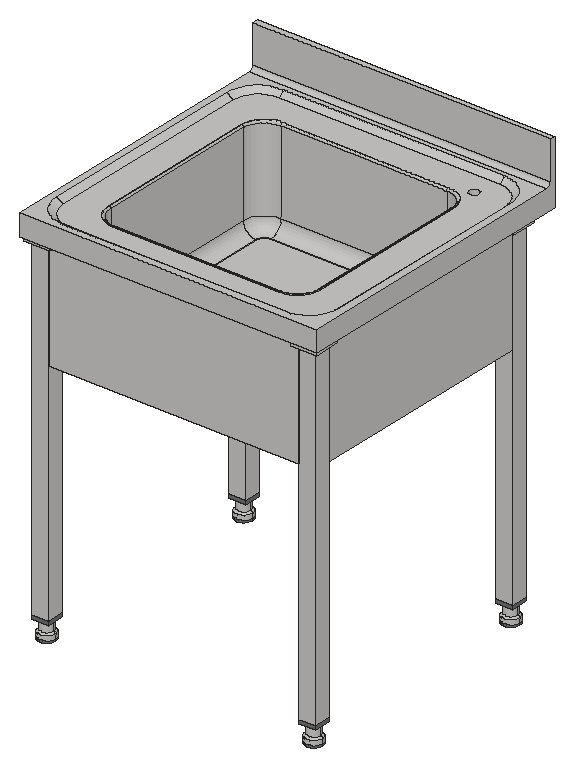
Revit family "QF_ZANUSSI_132894_SL07N", category Attrezzature speciali, Revit 2020
Family settings
  Quota connettore circolare = Usa diametro
  Tipo di parte = Normale
  Basato su piano di lavoro = No
  Sempre verticale = Sì
  Taglio con vuoti quando caricato = No
  Condiviso = No
  Punto di calcolo locali = No
Parameters (values of type "Standard")
  Weight = 20.00 kg
  Watts = 0 W
  Volts = 0 V
  URL Manufacturer = "http://www.zanussiprofessional.com"
  URL = "http://www.zanussiprofessional.com"
  Steam Supply Size = 0 mm
  Steam Supply Minimum Pressure = 0.0 Pa
  Steam Supply Maximum Pressure = 0.0 Pa
  Steam Consumption per Hour = 0
  Refrigeration Suction Line Size = 0.0 mm
  Refrigeration Liquid Line Size = 0.0 mm
  Refrigerant Compressor Remote = yes
  Prospetto di default = 0.0 mm
  Phase = 0
  Modello = "SL07N"
  Produttore = "Zanussi"
  Length Actual = 700.0 mm  # constant formula
  Item Number = "132894"
  Hot Water Size = 0 mm
  Height Actual = 900.0 mm  # constant formula
  HP = "0 HP"
  Gas Size = 0 mm
  Gas KW = 0
  Gas Input Pressure = 0 W
  Direct Waste Size = 139.7 mm
  Descrizione = "SINK UNIT 1 BOWL 700MM"
  Depth Actual = 700.0 mm  # constant formula
  Cycle = 0 Hz
  Condensate Return Size = 0 mm
  Compressed Air Volume = 0.0 L/s
  Compressed Air Size = 0 mm
  Compressed Air Pressure = 0.0 Pa
  Cold Water Size = 0 mm
  Accessory = yes
Reference planes
  plane 1 "Center (Front/Back)": y = 0
  plane 2: z = 0
  plane 3 "Center (Left/Right)": x = 150
  plane 4 "LEFT": x = -200
  plane 5 "RIGHT": x = 500
  plane 6 "BACK": y = 350
  plane 7 "FRONT": y = -350
  plane 8 "Base": z = 850
  plane 9 "TOP": z = 900
  plane 10 "Sink_Base": z = 658
  plane 11 "ScaricoX": x = 320
  plane 12 "ScaricoY": y = 151
  plane 13: z = 441
  plane 14: x = 395
  plane 15: y = 245
Forms (mm)
  Extrusion 1, solid, material "QF_Finishes_Stainless Steel"
    sketch origin (150, 0, 0) x (0, 1, 0) y (0, 0, 1)
      loop
        line (-350, 850) -> (350, 850) -> (350, 1000) -> (337, 1000) -> (337, 910)
        arc (337, 910) -> (334.071, 902.929) -> (327, 900) r 10
        line (327, 900) -> (-350, 900) -> (-350, 850)
    from 350 to -350
  Extrusion 2, void
    sketch origin (0, 0, 900) x (0, 1, 0) y (-1, 0, 0)
      loop
        arc (-214, 100) -> (-252.891, 83.891) -> (-269, 45) r 55
        line (-269, 45) -> (-269, -345)
        arc (-269, -345) -> (-252.874, -383.908) -> (-213.951, -400) r 55
        line (-213.951, -400) -> (176.049, -400)
        arc (176.049, -400) -> (214.908, -383.874) -> (231, -345) r 55
        line (231, -345) -> (231, 45)
        arc (231, 45) -> (214.891, 83.891) -> (176, 100) r 55
        line (176, 100) -> (-214, 100)
    from 0 to -50
  Sweep 3, solid, material "QF_Finishes_Stainless Steel"
    path origin (0, 0, 900) x (0, 1, 0) y (-1, 0, 0)
      loop
        line (176, 100) -> (-214, 100)
        arc (-214, 100) -> (-252.891, 83.891) -> (-269, 45) r 55
        line (-269, 45) -> (-269, -345)
        arc (-269, -345) -> (-252.874, -383.908) -> (-213.951, -400) r 55
        line (-213.951, -400) -> (176.049, -400)
        arc (176.049, -400) -> (214.908, -383.874) -> (231, -345) r 55
        line (231, -345) -> (231, 45)
        arc (231, 45) -> (214.891, 83.891) -> (176, 100) r 55
    profile origin (-100, -19, 900) x (1, 0, 0) y (0, 0, 1)
      loop
        arc (5, -15) -> (3.536, -11.464) -> (0, -10) r 5
        line (0, -10) -> (0, -11.5)
        arc (0, -11.5) -> (2.475, -12.525) -> (3.5, -15) r 3.5
        line (3.5, -15) -> (3.5, -210.5)
        arc (3.5, -210.5) -> (12.726, -232.774) -> (35, -242) r 31.5
        line (35, -242) -> (35, -240.5)
        arc (35, -240.5) -> (13.787, -231.713) -> (5, -210.5) r 30
        line (5, -210.5) -> (5, -15)
  Extrusion 4, solid, material "QF_Finishes_Stainless Steel"
    sketch origin (0, 0, 658) x (0, -1, 0) y (1, 0, 0)
      loop
        arc (-196, -45) -> (-190.142, -59.142) -> (-176, -65) r 20
        line (-176, -65) -> (214, -65)
        arc (214, -65) -> (228.142, -59.142) -> (234, -45) r 20
        line (234, -45) -> (234, 345)
        arc (234, 345) -> (228.132, 359.153) -> (213.97, 365) r 20
        line (213.97, 365) -> (-176.03, 365)
        arc (-176.03, 365) -> (-190.153, 359.132) -> (-196, 345) r 20
        line (-196, 345) -> (-196, -45)
    from 0 to 1.5
  Extrusion 5, void
    sketch origin (0, 0, 658) x (0, -1, 0) y (1, 0, 0)
      loop
        circle (-151, 320) r 28
    from 32.343 to -63.145
  Revolve 6, solid, material "QF_Finishes_White"
    sketch origin (320, 0, 0) x (0, -1, 0) y (0, 0, 1)
      loop
        line (-167.5, 642.617) -> (-167.5, 628.5) -> (-166, 628.5) -> (-166, 643.449) -> (-177.558, 650.671) -> (-177.558, 658) -> (-179.058, 658) -> (-179.058, 649.84) -> (-167.5, 642.617)
      axis (-151, 658) -> (-151, 628.5)
    angle from 0 to 360
  Extrusion 7, void
    sketch origin (0, 0, 658) x (0, -1, 0) y (1, 0, 0)
      loop
        circle (-245, 395) r 11.5
    from 242 to 170.245
  Blend 8, void
    base sketch origin (0, 0, 900) x (0, 1, 0) y (-1, 0, 0)
      loop
        arc (314.887, 109.887) -> (292.92, 162.92) -> (239.887, 184.887) r 75
        line (239.887, 184.887) -> (-259.887, 184.887)
        arc (-259.887, 184.887) -> (-312.92, 162.92) -> (-334.887, 109.887) r 75
        line (-334.887, 109.887) -> (-334.887, -409.887)
        arc (-334.887, -409.887) -> (-312.92, -462.92) -> (-259.887, -484.887) r 75
        line (-259.887, -484.887) -> (239.887, -484.887)
        arc (239.887, -484.887) -> (292.92, -462.92) -> (314.887, -409.887) r 75
        line (314.887, -409.887) -> (314.887, 109.887)
    top sketch origin (0, 0, 900) x (0, 1, 0) y (-1, 0, 0)
      loop
        arc (299.887, 109.887) -> (282.313, 152.313) -> (239.887, 169.887) r 60
        line (239.887, 169.887) -> (-259.887, 169.887)
        arc (-259.887, 169.887) -> (-302.313, 152.313) -> (-319.887, 109.887) r 60
        line (-319.887, 109.887) -> (-319.887, -409.887)
        arc (-319.887, -409.887) -> (-302.313, -452.313) -> (-259.887, -469.887) r 60
        line (-259.887, -469.887) -> (239.887, -469.887)
        arc (239.887, -469.887) -> (282.313, -452.313) -> (299.887, -409.887) r 60
        line (299.887, -409.887) -> (299.887, 109.887)
    from 0 to -10
Cuts and joins
  Extrusion 2, Extrusion 7, Blend 8 cuts Extrusion 1
  Extrusion 5 cuts Extrusion 4
Lines and regions (mm)
  symbolic lines
    curve 1: line (500, 350, 900) -> (-200, 350, 900)
    curve 2: line (-200, 350, 900) -> (-200, -350, 900)
    curve 3: line (-200, -350, 900) -> (500, -350, 900)
    curve 4: line (500, -350, 900) -> (500, 350, 900)
    curve 5: line (500, 337, 900) -> (-200, 337, 900)
    curve 6: arc (-109.887, 314.887, 658) -> (-162.92, 292.92, 658) -> (-184.887, 239.887, 658) r 75
    curve 7: line (-109.887, 314.887, 658) -> (409.887, 314.887, 658)
    curve 8: arc (484.887, 239.887, 658) -> (462.92, 292.92, 658) -> (409.887, 314.887, 658) r 75
    curve 9: line (-184.887, -259.887, 658) -> (-184.887, 239.887, 658)
    curve 10: arc (-184.887, -259.887, 658) -> (-162.92, -312.92, 658) -> (-109.887, -334.887, 658) r 75
    curve 11: line (409.887, -334.887, 658) -> (-109.887, -334.887, 658)
    curve 12: arc (409.887, -334.887, 658) -> (462.92, -312.92, 658) -> (484.887, -259.887, 658) r 75
    curve 13: line (484.887, 239.887, 658) -> (484.887, -259.887, 658)
    curve 14: arc (-45, 231, 658) -> (-83.891, 214.891, 658) -> (-100, 176, 658) r 55
    curve 15: line (-45, 231, 658) -> (345, 231, 658)
    curve 16: line (-100, -214, 658) -> (-100, 176, 658)
    curve 17: arc (-100, -214, 658) -> (-83.891, -252.891, 658) -> (-45, -269, 658) r 55
    curve 18: line (345, -269, 658) -> (-45, -269, 658)
    curve 19: arc (345, -269, 658) -> (383.908, -252.874, 658) -> (400, -213.951, 658) r 55
    curve 20: line (400, 176.049, 658) -> (400, -213.951, 658)
    curve 21: arc (400, 176.049, 658) -> (383.874, 214.908, 658) -> (345, 231, 658) r 55
    curve 22: line (365, 176.03, 658) -> (365, -213.97, 658)
    curve 23: arc (365, 176.03, 658) -> (359.132, 190.153, 658) -> (345, 196, 658) r 20
    curve 24: line (-45, 196, 658) -> (345, 196, 658)
    curve 25: arc (-45, 196, 658) -> (-59.142, 190.142, 658) -> (-65, 176, 658) r 20
    curve 26: line (-65, -214, 658) -> (-65, 176, 658)
    curve 27: arc (-65, -214, 658) -> (-59.142, -228.142, 658) -> (-45, -234, 658) r 20
    curve 28: line (345, -234, 658) -> (-45, -234, 658)
    curve 29: arc (345, -234, 658) -> (359.153, -228.132, 658) -> (365, -213.97, 658) r 20
    curve 30: circle (320, 151, 658) r 15 normal (0, 0, 1)
    curve 31: circle (320, 151, 658) r 26.558 normal (0, 0, -1)
    curve 32: circle (395, 245, 658) r 11.5 normal (0, 0, 1)
    curve 33: arc (-109.887, 299.887, 900) -> (-152.313, 282.313, 900) -> (-169.887, 239.887, 900) r 60
    curve 34: line (409.887, 299.887, 900) -> (-109.887, 299.887, 900)
    curve 35: line (-169.887, 239.887, 900) -> (-169.887, -259.887, 900)
    curve 36: arc (469.887, 239.887, 900) -> (452.313, 282.313, 900) -> (409.887, 299.887, 900) r 60
    curve 37: line (469.887, -259.887, 900) -> (469.887, 239.887, 900)
    curve 38: arc (409.887, -319.887, 900) -> (452.313, -302.313, 900) -> (469.887, -259.887, 900) r 60
    curve 39: line (-109.887, -319.887, 900) -> (409.887, -319.887, 900)
    curve 40: arc (-169.887, -259.887, 900) -> (-152.313, -302.313, 900) -> (-109.887, -319.887, 900) r 60
Dimensions and locks
  plane 4 "LEFT" to plane 5 "RIGHT" = 700.0 mm
  equal spacing: plane 4 "LEFT", plane 3 "Center (Left/Right)", plane 5 "RIGHT"
  locked: plane 8 "Base" to level at 850
  locked: Extrusion 1 to level at 1000
  plane 9 "TOP" to level = 900.0 mm
  plane 6 "BACK" to plane 7 "FRONT" = 700.0 mm
  equal spacing: plane 6 "BACK", plane 1 "Center (Front/Back)", plane 7 "FRONT"
  plane 10 "Sink_Base" to level = 658.0 mm
  locked: plane 6 "BACK" to plane 12 "ScaricoY" at 199
  locked: plane 11 "ScaricoX" to plane 5 "RIGHT" at 180
  plane 13 to level = 441.0 mm
  locked: plane 6 "BACK" to plane 15 at 105
  plane 14 to plane 5 "RIGHT" = 105.0 mm
  aligned and locked: level to plane 2
  aligned and locked: Extrusion 1 to plane 4 "LEFT"
  aligned and locked: plane 5 "RIGHT" to Extrusion 1
  aligned and locked: curve 2 to plane 4 "LEFT"
Automatic sketch dimensions
  Extrusion 1 sketch curve to plane 7 "FRONT" = 0.0 mm
  Extrusion 1 sketch curve to plane 9 "TOP" = 0.0 mm
  Extrusion 1 sketch curve to plane 6 "BACK" = 0.0 mm
  Extrusion 1 sketch curve to plane 8 "Base" = 0.0 mm
  plane 9 "TOP" to Extrusion 1 sketch curve = 10.0 mm
  Extrusion 1 sketch curve to plane 6 "BACK" = 13.0 mm
  Extrusion 1 sketch curve to Extrusion 1 sketch curve = 90.0 mm
  curve 3 to plane 7 "FRONT" = 0.0 mm
  curve 5 to plane 5 "RIGHT" = 0.0 mm
  curve 4 to plane 6 "BACK" = 0.0 mm
  curve 5 to plane 6 "BACK" = 13.0 mm
  Extrusion 2 sketch curve to Extrusion 2 sketch curve = 55.0 mm  (x4)
  Extrusion 2 sketch curve to Extrusion 2 sketch curve = 0.0 mm  (x5)
  Sweep 3 sketch curve to Sweep 3 sketch curve = 55.0 mm  (x3)
  Sweep 3 sketch curve to Sweep 3 sketch curve = 0.049 mm  (x2)
  Sweep 3 sketch curve to Sweep 3 sketch curve = 0.0 mm  (x4)
  profile plane to Sweep 3 sketch curve = 0.0 mm
  Sweep 3 sketch curve to profile plane = 3.5 mm
  Sweep 3 sketch curve to Sweep 3 sketch curve = 1.5 mm
  Sweep 3 sketch curve to Sweep 3 sketch curve = 30.0 mm
  Sweep 3 sketch curve to plane 9 "TOP" = 210.5 mm
  Sweep 3 sketch curve to plane 9 "TOP" = 15.0 mm
  Extrusion 4 sketch curve to Extrusion 4 sketch curve = 19.97 mm
  Extrusion 4 sketch curve to Extrusion 4 sketch curve = 20.0 mm  (x4)
  Extrusion 4 sketch curve to Extrusion 4 sketch curve = 0.03 mm  (x2)
  Extrusion 4 sketch curve to Extrusion 4 sketch curve = 0.0 mm  (x2)
  Extrusion 5 sketch curve to plane 11 "ScaricoX" = 0.0 mm
  Extrusion 5 sketch curve to plane 12 "ScaricoY" = 0.0 mm
  Revolve 6 sketch curve to plane 12 "ScaricoY" = 0.0 mm
  plane 12 "ScaricoY" to Revolve 6 sketch curve = 15.0 mm
  Revolve 6 sketch curve to Revolve 6 sketch curve = 1.5 mm  (x2)
  plane 10 "Sink_Base" to Revolve 6 sketch curve = 7.329 mm
  Revolve 6 sketch curve to Revolve 6 sketch curve = 10.058 mm
  plane 10 "Sink_Base" to Revolve 6 sketch curve = 8.16 mm
  Revolve 6 sketch curve to Revolve 6 sketch curve = 7.222 mm
  Revolve 6 sketch curve to Revolve 6 sketch curve = 0.831 mm
  Revolve 6 sketch curve to Revolve 6 sketch curve = 14.117 mm
  Revolve 6 sketch curve to Revolve 6 sketch curve = 24.0 mm
  Revolve 6 sketch curve to plane 10 "Sink_Base" = 0.0 mm
  Revolve 6 sketch curve to plane 10 "Sink_Base" = 26.5 mm
  Extrusion 7 sketch curve to plane 14 = 0.0 mm
  Extrusion 7 sketch curve to plane 15 = 0.0 mm
  curve 14 to curve 25 = 0.0 mm  (x3)
  curve 17 to curve 27 = 0.0 mm  (x3)
  curve 19 to curve 29 = 0.0 mm  (x3)
  curve 21 to curve 23 = 0.0 mm  (x2)
  curve 30 to curve 31 = 0.0 mm  (x2)
  curve 32 to plane 14 = 0.0 mm
  curve 32 to plane 15 = 0.0 mm
  curve 31 to plane 11 "ScaricoX" = 0.0 mm
  curve 31 to plane 12 "ScaricoY" = 0.0 mm
  plane 14 to curve 7 = 14.887 mm
  curve 7 to plane 6 "BACK" = 35.113 mm
  curve 8 to plane 15 = 5.113 mm
  curve 6 to plane 15 = 5.113 mm
  curve 15 to plane 15 = 14.0 mm
  curve 14 to curve 24 = 35.0 mm
  plane 14 to curve 20 = 5.0 mm
  plane 12 "ScaricoY" to curve 20 = 25.049 mm
  plane 12 "ScaricoY" to curve 22 = 25.03 mm
  curve 24 to curve 14 = 20.0 mm
  curve 22 to curve 21 = 0.03 mm
  curve 22 to plane 14 = 30.0 mm
  curve 20 to curve 22 = 0.019 mm
  curve 29 to curve 29 = 0.03 mm
  curve 17 to curve 10 = 45.887 mm
  plane 14 to curve 11 = 14.887 mm
  curve 23 to curve 22 = 20.0 mm
  curve 21 to plane 11 "ScaricoX" = 25.0 mm
  curve 15 to curve 21 = 0.0 mm
  curve 23 to curve 21 = 0.0 mm
  curve 24 to curve 23 = 0.0 mm
  plane 4 "LEFT" to Extrusion 2 sketch curve = 155.0 mm  (x2)
  plane 4 "LEFT" to Sweep 3 sketch curve = 155.0 mm
  plane 4 "LEFT" to Extrusion 4 sketch curve = 155.0 mm
  plane 4 "LEFT" to curve 27 = 155.0 mm
  curve 6 to curve 14 = 9.887 mm
  plane 14 to Extrusion 2 sketch curve = 5.0 mm
  Extrusion 2 sketch curve to Extrusion 2 sketch curve = 0.049 mm
  Sweep 3 sketch curve to plane 11 "ScaricoX" = 25.0 mm
  Extrusion 4 sketch curve to plane 11 "ScaricoX" = 25.0 mm
  plane 12 "ScaricoY" to Extrusion 2 sketch curve = 25.0 mm  (x2)
  plane 12 "ScaricoY" to Sweep 3 sketch curve = 25.0 mm  (x2)
  Sweep 3 sketch curve to plane 15 = 14.0 mm
  plane 12 "ScaricoY" to Extrusion 4 sketch curve = 25.0 mm
  plane 7 "FRONT" to Extrusion 2 sketch curve = 136.049 mm
  plane 7 "FRONT" to Sweep 3 sketch curve = 136.049 mm
  plane 7 "FRONT" to Extrusion 4 sketch curve = 136.03 mm
  plane 7 "FRONT" to curve 20 = 136.049 mm
  curve 16 to curve 27 = 20.0 mm
  plane 7 "FRONT" to curve 13 = 90.113 mm
  Blend 8 sketch curve to plane 15 = 5.113 mm  (x4)
  Blend 8 sketch curve to plane 6 "BACK" = 35.113 mm
  plane 4 "LEFT" to Blend 8 sketch curve = 90.113 mm  (x2)
  plane 14 to Blend 8 sketch curve = 14.887 mm  (x3)
  plane 7 "FRONT" to Blend 8 sketch curve = 90.113 mm
  Blend 8 sketch curve to Blend 8 sketch curve = 75.0 mm
  plane 7 "FRONT" to Blend 8 sketch curve = 30.113 mm
  Blend 8 sketch curve to plane 5 "RIGHT" = 30.113 mm
  Blend 8 sketch curve to Blend 8 sketch curve = 60.0 mm  (x2)
  curve 33 to plane 15 = 5.113 mm
  curve 34 to plane 6 "BACK" = 50.113 mm
  plane 4 "LEFT" to curve 33 = 90.113 mm
  plane 14 to curve 34 = 14.887 mm
  plane 7 "FRONT" to curve 35 = 90.113 mm
  curve 36 to plane 15 = 5.113 mm
  plane 14 to curve 38 = 14.887 mm
  curve 39 to curve 35 = 60.0 mm
  radius of Extrusion 5 sketch curve = 28.0 mm
  radius of Extrusion 7 sketch curve = 11.5 mm
  radius of curve 30 = 15.0 mm
  radius of curve 31 = 26.558 mm
  radius of curve 32 = 11.5 mm
Nested families
  nested 1: "TAV_W700_CASS" at (0, 0, 0), type "TAV_W700_CASS"
Connectors
  piping at (320, 151, 628.5), diameter 139.7, driven by "Direct Waste Size"
    settings: on Revolve 6, index 1, connector inside diameter 609.6 mm, connector length 0.0 mm, flow factor 0, pipe flow 0.0 L/s, pressure drop 0.0 Pa, fitting loss kfactor 0, connector angle 0.00°, fixture units 0, engagement length 0.0 mm, angle of deflection 0.00°, flow configuration 1, flow direction 2, fitting loss method 0, system type 16, joint type 0, gender type 0, connector reference index -1, connector utility 0, adjustable connector no, is connector primary yes, connector description "Drain"
Definition of nested family "TAV_W700_CASS"
  Parameters
    Default Elevation = 0.0 mm
    Model = "TAV_W700_CASS"
    Manufacturer = "Electrolux Professional"
    Description = ""
  Reference planes
    plane 1 "Center (Front/Back)": y = 0
    plane 2: z = 0
    plane 3 "Center (Left/Right)": x = 150
    plane 4 "LEFT": x = -200
    plane 5 "RIGHT": x = 500
    plane 6 "BACK": y = 350
    plane 7 "FRONT": y = -350
    plane 8 "Base": z = 850
    plane 9 "TOP": z = 900
    plane 10: x = -164.5
    plane 11: x = 464.5
    plane 12: y = 265.5
    plane 13: y = -314.5
    plane 14: x = -144.5
    plane 15: x = 444.5
    plane 16 "RIPIANO": z = 200
  Forms (mm)
    Extrusion 1, solid
      sketch origin (0, 0.5, 850) x (0, 1, 0) y (-1, 0, 0)
        loop
          line (245, 184.5) -> (-295, 184.5) -> (-295, 183) -> (245, 183) -> (245, 184.5)
        loop
          line (-295, -484.5) -> (285, -484.5) -> (285, -483) -> (-295, -483) -> (-295, -484.5)
        loop
          line (-335, 144.5) -> (-335, -444.5) -> (-333.5, -444.5) -> (-333.5, 144.5) -> (-335, 144.5)
      from -10 to -260
    Extrusion 2, solid
      sketch origin (-4.534, 0, 850) x (0, 1, 0) y (-1, 0, 0)
        loop
          line (235.5, 179.966) -> (-284.5, 179.966) -> (-284.5, 139.966) -> (235.5, 139.966) -> (235.5, 179.966)
        loop
          line (-334.506, 129.966) -> (-334.506, -439.034) -> (-294.506, -439.034) -> (-294.506, 129.966) -> (-334.506, 129.966)
        loop
          line (-284.5, -489.034) -> (235.5, -489.034) -> (235.5, -449.034) -> (-284.5, -449.034) -> (-284.5, -489.034)
        loop
          line (285.5, 129.966) -> (245.5, 129.966) -> (245.5, -439.034) -> (285.5, -439.034) -> (285.5, 129.966)
      from 0 to -10
  Lines and regions (mm)
    symbolic lines, detail levels coarse
      curve 1: line (-200, 350, 200) -> (500, 350, 200)
      curve 2: line (-200, -350, 200) -> (-200, 350, 200)
      curve 3: line (500, -350, 200) -> (-200, -350, 200)
      curve 4: line (500, 350, 200) -> (500, -350, 200)
  Dimensions and locks
    plane 4 "LEFT" to plane 5 "RIGHT" = 700.0 mm
    equal spacing: plane 4 "LEFT", plane 3 "Center (Left/Right)", plane 5 "RIGHT"
    locked: plane 8 "Base" to level at 850
    plane 4 "LEFT" to plane 10 = 35.5 mm
    plane 11 to plane 5 "RIGHT" = 35.5 mm
    plane 10 to plane 11 = 629.0 mm
    plane 9 "TOP" to level = 900.0 mm
    plane 6 "BACK" to plane 12 = 84.5 mm
    plane 13 to plane 7 "FRONT" = 35.5 mm
    plane 6 "BACK" to plane 7 "FRONT" = 700.0 mm
    plane 12 to plane 13 = 580.0 mm
    equal spacing: plane 6 "BACK", plane 1 "Center (Front/Back)", plane 7 "FRONT"
    locked: plane 14 to plane 4 "LEFT" at 55.5
    locked: plane 5 "RIGHT" to plane 15 at 55.5
    plane 16 "RIPIANO" to level = 200.0 mm
    plane 2 to plane 16 "RIPIANO" to plane 8 "Base" = 200.0 mm, 650.0 mm
    aligned and locked: level to plane 2
    aligned and locked: plane 10 to nested 1
    aligned and locked: nested 1 to plane 13
    aligned and locked: plane 11 to nested 2
    aligned and locked: nested 2 to plane 13
    aligned and locked: plane 11 to nested 4
    aligned and locked: nested 4 to plane 12
    aligned and locked: plane 10 to nested 3
    aligned and locked: nested 3 to plane 12
    aligned and locked: plane 14 to Extrusion 1 sketch curve
    aligned and locked: Extrusion 1 sketch curve to plane 15
    aligned and locked: Extrusion 1 to Extrusion 2
  Automatic sketch dimensions
    plane 7 "FRONT" to Extrusion 1 sketch curve = 15.5 mm
    plane 13 to Extrusion 1 sketch curve = 20.0 mm  (x2)
    plane 4 "LEFT" to Extrusion 1 sketch curve = 15.5 mm
    Extrusion 1 sketch curve to plane 5 "RIGHT" = 15.5 mm
    Extrusion 1 sketch curve to Extrusion 1 sketch curve = 1.5 mm  (x3)
    Extrusion 1 sketch curve to plane 6 "BACK" = 104.5 mm
    Extrusion 1 sketch curve to plane 6 "BACK" = 64.5 mm
    plane 15 to Extrusion 2 sketch curve = 10.0 mm  (x2)
    plane 7 "FRONT" to Extrusion 2 sketch curve = 15.494 mm
    plane 13 to Extrusion 2 sketch curve = 19.994 mm
    Extrusion 2 sketch curve to plane 5 "RIGHT" = 15.5 mm
    plane 13 to Extrusion 2 sketch curve = 30.0 mm  (x2)
    Extrusion 2 sketch curve to plane 14 = 0.0 mm
    Extrusion 2 sketch curve to plane 12 = 30.0 mm  (x2)
    Extrusion 2 sketch curve to plane 12 = 20.0 mm
    plane 12 to Extrusion 2 sketch curve = 20.0 mm
    Extrusion 2 sketch curve to plane 15 = 0.0 mm
    Extrusion 2 sketch curve to plane 14 = 10.0 mm  (x2)
    Extrusion 2 sketch curve to plane 10 = 20.0 mm
    curve 3 to plane 4 "LEFT" = 0.0 mm
    curve 3 to plane 7 "FRONT" = 0.0 mm
    curve 2 to plane 6 "BACK" = 0.0 mm
    curve 1 to plane 5 "RIGHT" = 0.0 mm
  Nested families
    nested 1: "FEET_40x40_TAV" at (-164.5, -314.5, 0), type "FEET_40x40_TAV"
    nested 2: "FEET_40x40_TAV" at (464.5, -314.5, 0), type "FEET_40x40_TAV"
    nested 3: "FEET_40x40_TAV" at (-164.5, 265.5, 0), type "FEET_40x40_TAV"
    nested 4: "FEET_40x40_TAV" at (464.5, 265.5, 0), type "FEET_40x40_TAV"
  Definition of nested family "FEET_40x40_TAV"
    Parameters
      Default Elevation = 0.0 mm
      FEET = 850.0 mm
    Reference planes
      plane 1 "Center (Front/Back)": y = 0
      plane 2: z = 0
      plane 3 "Center (Left/Right)": x = 0
      plane 4: z = 850
    Forms (mm)
      Extrusion 1, solid
        sketch origin (0, 0, 0) x (1, 0, 0) y (0, 1, 0)
          loop
            line (-20, -20) -> (20, -20) -> (20, 20) -> (-20, 20) -> (-20, -20)
        from 50 to 840
      Extrusion 2, solid
        sketch origin (0, 0, 0) x (1, 0, 0) y (0, 1, 0)
          loop
            circle (0, 0) r 20
        from 0 to 5
      Extrusion 3, solid
        sketch origin (0, 0, 0) x (1, 0, 0) y (0, 1, 0)
          loop
            line (30, 30) -> (-30, 30) -> (-30, -30) -> (30, -30) -> (30, 30)
        from 840 to 850
      Extrusion 4, solid
        sketch origin (0, 0, 0) x (1, 0, 0) y (0, 1, 0)
          loop
            line (-20, -20) -> (20, -20) -> (20, 20) -> (-20, 20) -> (-20, -20)
        from 50 to 42
      Revolve 5, solid
        sketch origin (0, 0, 0) x (1, 0, 0) y (0, 0, 1)
          loop
            line (0, 42) -> (-15, 42) -> (-15, 20) -> (-20, 15) -> (-20, 5) -> (0, 5) -> (0, 42)
          axis (0, 42) -> (0, 5)
        angle from 0 to 360
    Lines and regions (mm)
      symbolic lines
        curve 1: line (0, -1.503, 0) -> (0, 1.508, 0)
        curve 2: line (1.561, 0, 0) -> (-1.439, 0, 0)
    Dimensions and locks
      "FEET": plane 4 to plane 2
      aligned and locked: level to plane 2
    Automatic sketch dimensions
      plane 1 "Center (Front/Back)" to curve 2 = 0.0 mm
      curve 1 to plane 3 "Center (Left/Right)" = 0.0 mm
      curve 2 to plane 3 "Center (Left/Right)" = 1.439 mm
      plane 3 "Center (Left/Right)" to curve 2 = 1.561 mm
      plane 1 "Center (Front/Back)" to curve 1 = 1.503 mm
      curve 1 to plane 1 "Center (Front/Back)" = 1.508 mm
      Extrusion 1 sketch curve to plane 3 "Center (Left/Right)" = 20.0 mm
      plane 3 "Center (Left/Right)" to Extrusion 1 sketch curve = 20.0 mm
      plane 1 "Center (Front/Back)" to Extrusion 1 sketch curve = 20.0 mm
      Extrusion 1 sketch curve to plane 1 "Center (Front/Back)" = 20.0 mm
      plane 1 "Center (Front/Back)" to Extrusion 2 sketch curve = 0.0 mm
      Extrusion 2 sketch curve to plane 3 "Center (Left/Right)" = 0.0 mm
      Extrusion 3 sketch curve to plane 3 "Center (Left/Right)" = 30.0 mm
      plane 3 "Center (Left/Right)" to Extrusion 3 sketch curve = 30.0 mm
      plane 1 "Center (Front/Back)" to Extrusion 3 sketch curve = 30.0 mm
      Extrusion 3 sketch curve to plane 1 "Center (Front/Back)" = 30.0 mm
      Extrusion 4 sketch curve to plane 3 "Center (Left/Right)" = 20.0 mm
      plane 3 "Center (Left/Right)" to Extrusion 4 sketch curve = 20.0 mm
      plane 1 "Center (Front/Back)" to Extrusion 4 sketch curve = 20.0 mm
      Extrusion 4 sketch curve to plane 1 "Center (Front/Back)" = 20.0 mm
      Revolve 5 sketch curve to plane 3 "Center (Left/Right)" = 0.0 mm  (x2)
      Revolve 5 sketch curve to plane 3 "Center (Left/Right)" = 15.0 mm
      Revolve 5 sketch curve to Revolve 5 sketch curve = 5.0 mm  (x3)
      level to Revolve 5 sketch curve = 5.0 mm
      Revolve 5 sketch curve to Revolve 5 sketch curve = 10.0 mm
      Revolve 5 sketch curve to Revolve 5 sketch curve = 22.0 mm
      Revolve 5 sketch curve to level = 9.561 mm
      radius of Extrusion 2 sketch curve = 20.0 mm
